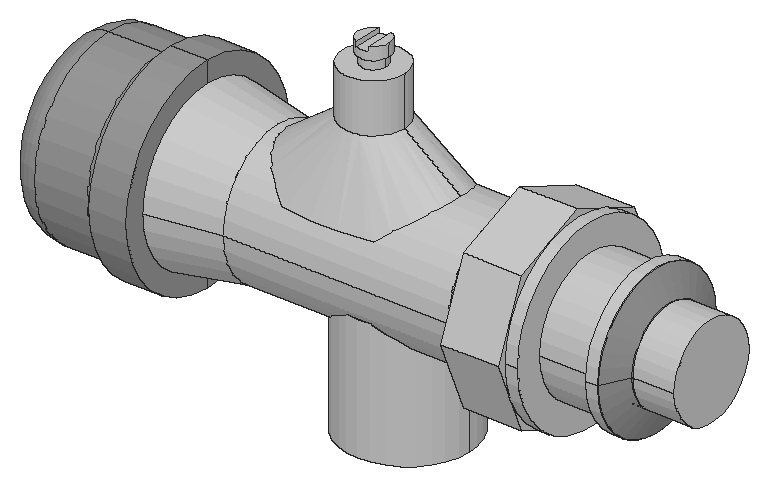
Revit family "PA_Арматура трубопроводов [клапан термостатический угловой с осевым управлением, VT.049.NE]1 - VALTEC", category Арматура трубопроводов, Revit 2018
Family settings
  Размер круглого соединителя = Использовать диаметр
  Тип детали = Вставляется
  На основе рабочей плоскости = Нет
  Всегда вертикально = Да
  При загрузке вырезать с полостями = Нет
  Общий = Нет
Parameters (values of type "VT.049.NE")
  Таблица 1 = "PA_Арматура трубопроводов [клапан термостатический угловой с осевым управлением, VT.049.NE] - VALTEC - Таблица 1"  # constant formula
  Материал доп.1 = Черный - VALTEC
  Изготовитель = "VALTEC"  # constant formula
  Головка термостатическая [instance] = Колпачок : Колпачок
  d9 [instance] = size_lookup(Таблица 1, "d9", 0 mm, D1, D2)  # 4 mm
  d8 [instance] = size_lookup(Таблица 1, "d8", 0 mm, D1, D2)  # 5 mm
  d7 [instance] = size_lookup(Таблица 1, "d7", 0 mm, D1, D2)  # 10 mm
  MM_Геометрия [instance] = if(Головка термостатическая = [1!!!НЕ ИЗМЕНЯТЬ!!!], MM_1!!!НЕ ИЗМЕНЯТЬ!!!, if(Головка термостатическая = [2!!!НЕ ИЗМЕНЯТЬ!!!], MM_2!!!НЕ ИЗМЕНЯТЬ!!!, if(Головка термостатическая = [3!!!НЕ ИЗМЕНЯТЬ!!!], MM_3!!!НЕ ИЗМЕНЯТЬ!!!, if(Головка термостатическая = [4!!!НЕ ИЗМЕНЯТЬ!!!], MM_4!!!НЕ ИЗМЕНЯТЬ!!!, if(Головка термостатическая = [5!!!НЕ ИЗМЕНЯТЬ!!!], MM_4!!!НЕ ИЗМЕНЯТЬ!!!, if(Головка термостатическая = [6!!!НЕ ИЗМЕНЯТЬ!!!], MM_5!!!НЕ ИЗМЕНЯТЬ!!!, if(Головка термостатическая = [7!!!НЕ ИЗМЕНЯТЬ!!!], MM_6!!!НЕ ИЗМЕНЯТЬ!!!, if(Головка термостатическая = [8!!!НЕ ИЗМЕНЯТЬ!!!], MM_6!!!НЕ ИЗМЕНЯТЬ!!!, if(Головка термостатическая = [9!!!НЕ ИЗМЕНЯТЬ!!!], MM_6!!!НЕ ИЗМЕНЯТЬ!!!, if(Головка термостатическая = [10!!!НЕ ИЗМЕНЯТЬ!!!], MM_6!!!НЕ ИЗМЕНЯТЬ!!!, if(Головка термостатическая = [11!!!НЕ ИЗМЕНЯТЬ!!!], MM_7!!!НЕ ИЗМЕНЯТЬ!!!, if(Головка термостатическая = [12!!!НЕ ИЗМЕНЯТЬ!!!], MM_7!!!НЕ ИЗМЕНЯТЬ!!!, if(Головка термостатическая = [13!!!НЕ ИЗМЕНЯТЬ!!!], MM_7!!!НЕ ИЗМЕНЯТЬ!!!, MM_8!!!НЕ ИЗМЕНЯТЬ!!!)))))))))))))  # MM_Обобщенные модели [колпачок, VT.037.N] - VALTEC : VT.TE3042.0
  MM_8!!!НЕ ИЗМЕНЯТЬ!!! = MM_Обобщенные модели [колпачок, VT.037.N] - VALTEC : VT.TE3042.0
  MM_7!!!НЕ ИЗМЕНЯТЬ!!! = MM_Обобщенные модели [сервопривод электрический, VT.TE3042] - VALTEC : VT.TE3042.0
  MM_6!!!НЕ ИЗМЕНЯТЬ!!! = MM_Обобщенные модели [сервопривод электрический, VT.TE3040] - VALTEC : VT.TE3040
  MM_5!!!НЕ ИЗМЕНЯТЬ!!! = MM_Обобщенные модели [cервопривод EQUICALOR, VT.AS1000] - VALTEC : VT.AS1000
  MM_4!!!НЕ ИЗМЕНЯТЬ!!! = MM_Обобщенные модели [головка термостатическая жидкостная, VT.5000.0] - VALTEC : VT.5000.0 - VT.5010.0
  MM_3!!!НЕ ИЗМЕНЯТЬ!!! = MM_Обобщенные модели [головка термостатическая жидкостная, VT.3000.0] - VALTEC : VT.3000.0
  MM_2!!!НЕ ИЗМЕНЯТЬ!!! = MM_Обобщенные модели [головка термостатическая жидкостная, VT.1500.0] - VALTEC : VT.1500.0
  MM_1!!!НЕ ИЗМЕНЯТЬ!!! = MM_Обобщенные модели [головка термостатическая твердотельная, VT.1000.0] - VALTEC : VT.1000.0
  ME_Информация [instance] = if(Головка термостатическая = [1!!!НЕ ИЗМЕНЯТЬ!!!], ME_1!!!НЕ ИЗМЕНЯТЬ!!!, if(Головка термостатическая = [2!!!НЕ ИЗМЕНЯТЬ!!!], ME_2!!!НЕ ИЗМЕНЯТЬ!!!, if(Головка термостатическая = [3!!!НЕ ИЗМЕНЯТЬ!!!], ME_3!!!НЕ ИЗМЕНЯТЬ!!!, if(Головка термостатическая = [4!!!НЕ ИЗМЕНЯТЬ!!!], ME_4!!!НЕ ИЗМЕНЯТЬ!!!, if(Головка термостатическая = [5!!!НЕ ИЗМЕНЯТЬ!!!], ME_5!!!НЕ ИЗМЕНЯТЬ!!!, if(Головка термостатическая = [6!!!НЕ ИЗМЕНЯТЬ!!!], ME_6!!!НЕ ИЗМЕНЯТЬ!!!, if(Головка термостатическая = [7!!!НЕ ИЗМЕНЯТЬ!!!], ME_7!!!НЕ ИЗМЕНЯТЬ!!!, if(Головка термостатическая = [8!!!НЕ ИЗМЕНЯТЬ!!!], ME_8!!!НЕ ИЗМЕНЯТЬ!!!, if(Головка термостатическая = [9!!!НЕ ИЗМЕНЯТЬ!!!], ME_9!!!НЕ ИЗМЕНЯТЬ!!!, if(Головка термостатическая = [10!!!НЕ ИЗМЕНЯТЬ!!!], ME_10!!!НЕ ИЗМЕНЯТЬ!!!, if(Головка термостатическая = [11!!!НЕ ИЗМЕНЯТЬ!!!], ME_11!!!НЕ ИЗМЕНЯТЬ!!!, if(Головка термостатическая = [12!!!НЕ ИЗМЕНЯТЬ!!!], ME_12!!!НЕ ИЗМЕНЯТЬ!!!, if(Головка термостатическая = [13!!!НЕ ИЗМЕНЯТЬ!!!], ME_13!!!НЕ ИЗМЕНЯТЬ!!!, ME_14!!!НЕ ИЗМЕНЯТЬ!!!)))))))))))))  # ME_Оборудование [колпачек] - VALTEC : ME_Оборудование [колпачек] - VALTEC
  ME_9!!!НЕ ИЗМЕНЯТЬ!!! = ME_Оборудование [сервопривод электрический, VT.TE3041.0.024] - VALTEC : ME_Оборудование [сервопривод электрический, VT.TE3041.0.024] - VALTEC
  ME_8!!!НЕ ИЗМЕНЯТЬ!!! = ME_Оборудование [сервопривод электрический, VT.TE3040.A.220] - VALTEC : ME_Оборудование [сервопривод электрический, VT.TE3040.A.220] - VALTEC
  ME_7!!!НЕ ИЗМЕНЯТЬ!!! = ME_Оборудование [сервопривод электрический, VT.TE3040.0.220] - VALTEC : ME_Оборудование [сервопривод электрический, VT.TE3040.0.220] - VALTEC
  ME_6!!!НЕ ИЗМЕНЯТЬ!!! = ME_Оборудование [cервопривод EQUICALOR, VT.AS1000] - VALTEC : ME_Оборудование [cервопривод EQUICALOR, VT.AS1000] - VALTEC
  ME_5!!!НЕ ИЗМЕНЯТЬ!!! = ME_Оборудование [головка термостатическая жидкостная, VT.5010.0] - VALTEC : ME_Оборудование [головка термостатическая жидкостная, VT.5010.0] - VALTEC
  ME_4!!!НЕ ИЗМЕНЯТЬ!!! = ME_Оборудование [головка термостатическая жидкостная, VT.5000.0] - VALTEC : ME_Оборудование [головка термостатическая жидкостная, VT.5000.0] - VALTEC
  ME_3!!!НЕ ИЗМЕНЯТЬ!!! = ME_Оборудование [головка термостатическая жидкостная, VT.3000.0] - VALTEC : ME_Оборудование [головка термостатическая жидкостная, VT.3000.0] - VALTEC
  ME_2!!!НЕ ИЗМЕНЯТЬ!!! = ME_Оборудование [головка термостатическая жидкостная, VT.1500.0] - VALTEC : ME_Оборудование [головка термостатическая жидкостная, VT.1500.0] - VALTEC
  ME_14!!!НЕ ИЗМЕНЯТЬ!!! = ME_Оборудование [колпачек] - VALTEC : ME_Оборудование [колпачек] - VALTEC
  ME_13!!!НЕ ИЗМЕНЯТЬ!!! = ME_Оборудование [сервопривод электрический, VT.TE3042.A.220] - VALTEC : ME_Оборудование [сервопривод электрический, VT.TE3042.A.220] - VALTEC
  ME_12!!!НЕ ИЗМЕНЯТЬ!!! = ME_Оборудование [сервопривод электрический, VT.TE3042.0.220] - VALTEC : ME_Оборудование [сервопривод электрический, VT.TE3042.0.220] - VALTEC
  ME_11!!!НЕ ИЗМЕНЯТЬ!!! = ME_Оборудование [сервопривод электрический, VT.TE3042.0.024] - VALTEC : ME_Оборудование [сервопривод электрический, VT.TE3042.0.024] - VALTEC
  ME_10!!!НЕ ИЗМЕНЯТЬ!!! = ME_Оборудование [сервопривод электрический, VT.TE3041.A.024] - VALTEC : ME_Оборудование [сервопривод электрический, VT.TE3041.A.024] - VALTEC
  ME_1!!!НЕ ИЗМЕНЯТЬ!!! = ME_Оборудование [головка термостатическая твердотельная, VT.1000.0] - VALTEC : ME_Оборудование [головка термостатическая твердотельная, VT.1000.0] - VALTEC
  d6 [instance] = size_lookup(Таблица 1, "d6", 0 mm, D1, D2)  # 24 mm
  d5 [instance] = size_lookup(Таблица 1, "d5", 0 mm, D1, D2)  # 29.8 mm
  d4 [instance] = size_lookup(Таблица 1, "d4", 0 mm, D1, D2)  # 31.9 mm
  d3 [instance] = size_lookup(Таблица 1, "d3", 0 mm, D1, D2)  # 26 mm
  d2 [instance] = size_lookup(Таблица 1, "d2", 0 mm, D1, D2)  # 22.5 mm
  d1 [instance] = size_lookup(Таблица 1, "d1", 0 mm, D1, D2)  # 26.5 mm
  D1 [instance] = 20 mm
  URL = "https://valtec.ru/"
  ADSK_Расход жидкости [instance] = 0.0 L/s
  ADSK_Примечание [instance] = ""
  ADSK_Потеря давления жидкости [instance] = 0.0 Pa
  ADSK_Позиция [instance] = ""
  ADSK_Обозначение [instance] = "VT.049.NE"  # constant formula
  ADSK_Наименование [instance] = size_lookup(Таблица 1, "", "Данный типоразмер отсутствует", D1, D2)  # "Клапан термостатический угловой с осевым управлением 3/4\" x 1/2\""
  ADSK_Материал = Сталь, нержавеющая - VALTEC
  ADSK_Масса [instance] = 0
  ADSK_Марка [instance] = "VT.049.NE"  # constant formula
  ADSK_Код изделия [instance] = "VT.049.NE.04"  # constant formula
  ADSK_Завод-изготовитель [instance] = Изготовитель  # "VALTEC"
  ADSK_Единица измерения [instance] = "шт."  # constant formula
  ADSK_URL страницы изделия = "https://valtec.ru/catalog/radiatornaya_armatura/termostaticheskie_klapany_dlya_radiatorov/klapan_termostaticheskij_uglovoj_s_osevym_upravleniem_predvaritelnoj_nastrojkoj_i_vozduhootvodchikom.html"
  ADSK_URL документации изделия = "https://valtec.ru/document/technical/VT.049-0718.pdf"
  D2 [instance] = 15 mm
  9!!!НЕ ИЗМЕНЯТЬ!!! = VT.TE3041.0.024 : VT.TE3041.0.024
  8!!!НЕ ИЗМЕНЯТЬ!!! = VT.TE3040.A.220 : VT.TE3040.A.220
  7!!!НЕ ИЗМЕНЯТЬ!!! = VT.TE3040.0.220 : VT.TE3040.0.220
  6!!!НЕ ИЗМЕНЯТЬ!!! = VT.AS1000 : VT.AS1000
  5!!!НЕ ИЗМЕНЯТЬ!!! = VT.5010.0.0 : VT.5010.0.0
  4!!!НЕ ИЗМЕНЯТЬ!!! = VT.5000.0.0 : VT.5000.0.0
  3!!!НЕ ИЗМЕНЯТЬ!!! = VT.3000.0.0 : VT.3000.0.0
  2!!!НЕ ИЗМЕНЯТЬ!!! = VT.1500.0.0 : VT.1500.0.0
  14!!!НЕ ИЗМЕНЯТЬ!!! = Колпачок : Колпачок
  13!!!НЕ ИЗМЕНЯТЬ!!! = VT.TE3042.A.220 : VT.TE3042.A.220
  12!!!НЕ ИЗМЕНЯТЬ!!! = VT.TE3042.0.220 : VT.TE3042.0.220
  11!!!НЕ ИЗМЕНЯТЬ!!! = VT.TE3042.0.024 : VT.TE3042.0.024
  10!!!НЕ ИЗМЕНЯТЬ!!! = VT.TE3041.A.024 : VT.TE3041.A.024
  1!!!НЕ ИЗМЕНЯТЬ!!! = VT.1000.0.0 : VT.1000.0.0
Reference planes
  plane 1 "По центру (Вперед/Назад)": y = 0
  plane 2: z = 0
  plane 3 "По центру (Влево/Вправо)": x = 0
  plane 4: x = 15.5
  plane 5: z = -25.5
  plane 6: x = -32.4
  plane 7: x = -21
  plane 8: x = 18.2
  plane 9: x = 27.6
  plane 10: x = 29.7
  plane 11: x = 38.4
  plane 12: x = 49.2
  plane 13: x = 40.4
  plane 14: x = 42.4
  plane 15: z = 17.8
  plane 16: z = 25.7
  plane 17: z = 27.3
  plane 18: z = 29.3
  plane 19: x = -5.5
Forms (mm)
  Extrusion 1, solid, material "Сталь, нержавеющая - VALTEC" <- "ADSK_Материал", detail levels medium+fine
    sketch origin (0, 0, 0) x (1, 0, 0) y (0, 1, 0)
      loop
        circle (0, 0) r 10
    from -25.5 to 0
  Blend 2, solid, material "Сталь, нержавеющая - VALTEC" <- "ADSK_Материал", detail levels medium+fine
    base sketch origin (0, 0, 0) x (0, 1, 0) y (0, 0, 1)
      loop
        circle (0, 0) r 13.25
    top sketch origin (0, 0, 0) x (0, 1, 0) y (0, 0, 1)
      loop
        circle (0, 0) r 11.25
    from -32.4 to -21
  Extrusion 3, solid, material "Сталь, нержавеющая - VALTEC" <- "ADSK_Материал", detail levels medium+fine
    sketch origin (0, 0, 0) x (0, 1, 0) y (0, 0, 1)
      loop
        circle (0, 0) r 11.25
    from -21 to 15.5
  Blend 4, solid, material "Сталь, нержавеющая - VALTEC" <- "ADSK_Материал", detail levels medium+fine
    base sketch origin (0, 0, 0) x (0, 1, 0) y (0, 0, 1)
      loop
        circle (0, 0) r 11.25
    top sketch origin (0, 0, 0) x (0, 1, 0) y (0, 0, 1)
      loop
        circle (0, 0) r 13
    from 15.5 to 18.2
  Extrusion 5, solid, material "Сталь, нержавеющая - VALTEC" <- "ADSK_Материал", detail levels medium+fine
    sketch origin (0, 0, 0) x (0, 1, 0) y (0, 0, 1)
      loop
        circle (0, 0) r 7.5
    from 38.4 to 49.2
  Extrusion 6, solid, material "Сталь, нержавеющая - VALTEC" <- "ADSK_Материал", detail levels medium+fine
    sketch origin (0, 0, 0) x (0, 1, 0) y (0, 0, 1)
      loop
        circle (0, 0) r 14.9
    from 27.6 to 29.7
  Extrusion 7, solid, material "Сталь, нержавеющая - VALTEC" <- "ADSK_Материал", detail levels medium+fine
    sketch origin (0, 0, 0) x (0, 1, 0) y (0, 0, 1)
      loop
        circle (0, 0) r 12
    from 38.4 to 40.4
  Blend 8, solid, material "Черный - VALTEC" <- "Материал доп.1", detail levels medium+fine
    base sketch origin (0, 0, 0) x (0, 1, 0) y (0, 0, 1)
      loop
        circle (0, 0) r 12
    top sketch origin (0, 0, 0) x (0, 1, 0) y (0, 0, 1)
      loop
        circle (0, 0) r 7.5
    from 40.4 to 42.4
  Extrusion 9, solid, material "Сталь, нержавеющая - VALTEC" <- "ADSK_Материал", detail levels medium+fine
    sketch origin (0, 0, 0) x (0, 1, 0) y (0, 0, 1)
      loop
        circle (0, 0) r 10.5
    from 29.7 to 38.4
  Blend 10, solid, material "Сталь, нержавеющая - VALTEC" <- "ADSK_Материал", detail levels medium+fine
    base sketch origin (-5.538, 0, 0) x (1, 0, 0) y (0, 1, 0)
      loop
        spline (21, 0) -> (20.284, 2.588) -> (18.187, 5) -> (14.849, 7.071) -> (10.5, 8.66) -> (5.435, 9.659) -> (0, 10) -> (-5.435, 9.659) -> (-10.5, 8.66) -> (-14.849, 7.071) -> (-18.187, 5) -> (-20.284, 2.588) -> (-21, 0)
        spline (-21, 0) -> (-20.284, -2.588) -> (-18.187, -5) -> (-14.849, -7.071) -> (-10.5, -8.66) -> (-5.435, -9.659) -> (0, -10) -> (5.435, -9.659) -> (10.5, -8.66) -> (14.849, -7.071) -> (18.187, -5) -> (20.284, -2.588) -> (21, 0)
    top sketch origin (-5.538, 0, 0) x (1, 0, 0) y (0, 1, 0)
      loop
        circle (0.038, 0) r 5
    from 6.277 to 17.8
  Extrusion 11, solid, material "Сталь, нержавеющая - VALTEC" <- "ADSK_Материал", detail levels medium+fine
    sketch origin (0, 0, 0) x (1, 0, 0) y (0, 1, 0)
      loop
        circle (-5.5, 0) r 5
    from 17.8 to 25.7
  Extrusion 12, solid, material "Сталь, нержавеющая - VALTEC" <- "ADSK_Материал", detail levels medium+fine
    sketch origin (0, 0, 0) x (1, 0, 0) y (0, 1, 0)
      loop
        circle (-5.5, 0) r 2.5
    from 27.3 to 29.3
  Extrusion 13, solid, material "Сталь, нержавеющая - VALTEC" <- "ADSK_Материал", detail levels medium+fine
    sketch origin (0, 0, 0) x (1, 0, 0) y (0, 1, 0)
      loop
        circle (-5.5, 0) r 2
    from 25.7 to 27.3
  Extrusion 14, void
    sketch origin (0, 0, 0) x (-1, 0, 0) y (0, 0, 1)
      loop
        line (6.5, 29.3) -> (4.5, 29.3) -> (4.5, 28.5) -> (6.5, 28.5) -> (6.5, 29.3)
    from -4 to 4
Cuts and joins
  Extrusion 14 cuts Extrusion 1
  Extrusion 14 cuts Blend 2
  Extrusion 14 cuts Extrusion 3
  Extrusion 14 cuts Blend 4
  Extrusion 14 cuts Extrusion 5
  Extrusion 14 cuts Extrusion 6
  Extrusion 14 cuts Extrusion 7
  Extrusion 14 cuts Extrusion 9
  Extrusion 14 cuts Blend 10
  Extrusion 14 cuts Extrusion 11
  Extrusion 14 cuts Extrusion 12
  Extrusion 14 cuts Extrusion 13
  joined: Extrusion 1, Blend 2, Extrusion 3, Blend 4, Extrusion 5, Extrusion 6, Extrusion 7, Extrusion 9, Blend 10, Extrusion 11, Extrusion 12, Extrusion 13
Lines and regions (mm)
  reference lines
    curve 1: line (0, 0, 0) -> (0, 0, -25.5)
    curve 2: line (0, 0, 0) -> (42.4, 0, 0)
  model lines, detail levels coarse
    curve 3: line (25.5, 0, -15) -> (25.5, 0, 15)
    curve 4: line (-15, 0, -25.5) -> (15, 0, -25.5)
    curve 5: line (15, 0, -25.5) -> (0, 0, 0)
    curve 6: line (-15, 0, -25.5) -> (0, 0, 0)
    curve 7: line (25.5, 0, 15) -> (0, 0, 0)
    curve 8: line (25.5, 0, -15) -> (0, 0, 0)
    curve 9: line (25.5, 0, 0) -> (42.4, 0, 0)
    curve 10: line (0, 0, 0) -> (0, 0, 45)
    curve 11: line (0, 0, 0) -> (-10, 0, 17.321)
    curve 12: line (0, 0, 0) -> (10, 0, 17.321)
  symbolic lines, detail levels coarse
    curve 13: line (-15, -25.5, 0) -> (15, -25.5, 0)
    curve 14: line (15, -25.5, 0) -> (0, 0, 0)
    curve 15: line (0, 0, 0) -> (-15, -25.5, 0)
    curve 16: line (25.5, -15, 0) -> (25.5, 15, 0)
    curve 17: line (25.5, 15, 0) -> (0, 0, 0)
    curve 18: line (0, 0, 0) -> (25.5, -15, 0)
    curve 19: line (0, 0, 0) -> (0, 45, 0)
    curve 20: line (0, 0, 0) -> (-10, 17.321, 0)
    curve 21: line (0, 0, 0) -> (10, 17.321, 0)
    curve 22: line (27.6, 0, 0) -> (42.4, 0, 0)
Dimensions and locks
  locked: plane 2 to plane 5 at 25.5
  locked: plane 6 to plane 7 at 11.4
  locked: plane 7 to plane 3 "По центру (Влево/Вправо)" at 21
  locked: plane 4 to plane 3 "По центру (Влево/Вправо)" at 15.5
  locked: plane 4 to plane 8 at 2.7
  locked: plane 8 to plane 9 at 9.4
  locked: plane 9 to plane 10 at 2.1
  locked: plane 10 to plane 11 at 8.7
  locked: plane 11 to plane 13 at 2
  locked: plane 13 to plane 14 at 2
  locked: plane 14 to plane 12 at 6.8
  locked: plane 15 to plane 2 at 17.8
  locked: plane 16 to plane 15 at 7.9
  locked: plane 17 to plane 16 at 1.6
  locked: plane 18 to plane 17 at 2
  locked: plane 19 to plane 3 "По центру (Влево/Вправо)" at 5.5
  locked: plane 19 to Extrusion 14 sketch curve at 1  (x2)
  locked: plane 18 to Extrusion 14 sketch curve at 0.8
  "D1": diameter of Extrusion 1 sketch curve
  "d1": diameter of Blend 2 sketch curve
  "d2": diameter of Blend 2 sketch curve
  "d2": diameter of Extrusion 3 sketch curve
  "d2": diameter of Blend 4 sketch curve
  "d3": diameter of Blend 4 sketch curve
  "D2": diameter of Extrusion 5 sketch curve
  "d5": diameter of Extrusion 6 sketch curve
  "d6": diameter of Extrusion 7 sketch curve
  "d6": diameter of Blend 8 sketch curve
  "D2": diameter of Blend 8 sketch curve
  "d7": diameter of Blend 10 sketch curve
  "d7": diameter of Extrusion 11 sketch curve
  "d8": diameter of Extrusion 12 sketch curve
  "d9": diameter of Extrusion 13 sketch curve
  aligned and locked: level to plane 2
  aligned and locked: plane 3 "По центру (Влево/Вправо)" to Extrusion 1 sketch curve
  aligned and locked: plane 1 "По центру (Вперед/Назад)" to Extrusion 1 sketch curve
  aligned and locked: Extrusion 1 to plane 5
  aligned and locked: level to Extrusion 1
  aligned and locked: level to Blend 2 sketch curve  (x2)
  aligned and locked: plane 1 "По центру (Вперед/Назад)" to Blend 2 sketch curve  (x2)
  aligned and locked: plane 1 "По центру (Вперед/Назад)" to Extrusion 3 sketch curve
  aligned and locked: level to Extrusion 3 sketch curve
  aligned and locked: Blend 2 to plane 7
  aligned and locked: plane 6 to Blend 2
  aligned and locked: plane 7 to Extrusion 3
  aligned and locked: Extrusion 3 to plane 4
  aligned and locked: plane 1 "По центру (Вперед/Назад)" to Blend 4 sketch curve  (x2)
  aligned and locked: level to Blend 4 sketch curve  (x2)
  aligned and locked: plane 1 "По центру (Вперед/Назад)" to Extrusion 5 sketch curve
  aligned and locked: level to Extrusion 5 sketch curve
  aligned and locked: plane 4 to Blend 4
  aligned and locked: Blend 4 to plane 8
  aligned and locked: Extrusion 5 to plane 12
  aligned and locked: plane 1 "По центру (Вперед/Назад)" to nested 1
  aligned and locked: plane 8 to nested 1
  aligned and locked: level to Extrusion 6 sketch curve
  aligned and locked: plane 1 "По центру (Вперед/Назад)" to Extrusion 6 sketch curve
  aligned and locked: plane 9 to Extrusion 6
  aligned and locked: Extrusion 6 to plane 10
  aligned and locked: level to Extrusion 7 sketch curve
  aligned and locked: plane 1 "По центру (Вперед/Назад)" to Extrusion 7 sketch curve
  aligned and locked: level to Blend 8 sketch curve  (x2)
  aligned and locked: plane 1 "По центру (Вперед/Назад)" to Blend 8 sketch curve  (x2)
  aligned and locked: plane 11 to Extrusion 7
  aligned and locked: Extrusion 7 to plane 13
  aligned and locked: plane 13 to Blend 8
  aligned and locked: Blend 8 to plane 14
  aligned and locked: plane 11 to Extrusion 5
  aligned and locked: Extrusion 9 to plane 11
  aligned and locked: plane 1 "По центру (Вперед/Назад)" to Blend 10 sketch curve
  aligned and locked: plane 15 to Blend 10
  aligned and locked: plane 19 to Blend 10 sketch curve
  aligned and locked: plane 19 to Extrusion 11 sketch curve
  aligned and locked: plane 1 "По центру (Вперед/Назад)" to Extrusion 11 sketch curve
  aligned and locked: plane 1 "По центру (Вперед/Назад)" to Extrusion 12 sketch curve
  aligned and locked: plane 19 to Extrusion 12 sketch curve
  aligned and locked: plane 1 "По центру (Вперед/Назад)" to Extrusion 13 sketch curve
  aligned and locked: plane 19 to Extrusion 13 sketch curve
  aligned and locked: Extrusion 11 to plane 15
  aligned and locked: plane 16 to Extrusion 11
  aligned and locked: Extrusion 13 to plane 16
  aligned and locked: plane 17 to Extrusion 13
  aligned and locked: Extrusion 12 to plane 17
  aligned and locked: plane 18 to Extrusion 12
  aligned and locked: plane 6 to nested 2
  aligned and locked: plane 1 "По центру (Вперед/Назад)" to nested 3
  aligned and locked: plane 19 to nested 3
  aligned and locked: plane 3 "По центру (Влево/Вправо)" to curve 2
  aligned and locked: plane 14 to curve 2
  aligned and locked: level to curve 1
  aligned and locked: plane 5 to curve 1
  aligned and locked: plane 14 to curve 9
  aligned and locked: plane 14 to curve 22
  aligned and locked: plane 1 "По центру (Вперед/Назад)" to curve 22
  aligned and locked: level to nested 2
  aligned and locked: nested 2 to plane 1 "По центру (Вперед/Назад)"
Automatic sketch dimensions
  curve 6 to plane 5 = 0 mm
  curve 10 to level = 0 mm
  curve 10 to plane 3 "По центру (Влево/Вправо)" = 0 mm
  curve 9 to level = 0 mm
  curve 4 to plane 7 = 6 mm
  plane 4 to curve 5 = 0.5 mm
  plane 9 to curve 7 = 2.1 mm
  plane 5 to curve 8 = 10.5 mm
  curve 3 to plane 15 = 2.8 mm
  curve 11 to plane 15 = 0.479 mm
  plane 19 to curve 11 = 4.5 mm
  curve 12 to plane 15 = 0.479 mm
  plane 4 to curve 12 = 5.5 mm
  plane 18 to curve 10 = 15.7 mm
  Extrusion 9 sketch curve to level = 0 mm
  Extrusion 9 sketch curve to plane 1 "По центру (Вперед/Назад)" = 0 mm
  plane 1 "По центру (Вперед/Назад)" to Blend 10 sketch curve = 0 mm
  plane 19 to Blend 10 sketch curve = 0.038 mm
  plane 4 to Blend 10 sketch curve = 0.038 mm
  Extrusion 14 sketch curve to plane 18 = 0 mm
  plane 1 "По центру (Вперед/Назад)" to curve 15 = 0 mm
  curve 15 to plane 3 "По центру (Влево/Вправо)" = 0 mm
  curve 22 to plane 9 = 0 mm
  curve 13 to plane 7 = 6 mm
  plane 4 to curve 13 = 0.5 mm
  plane 9 to curve 18 = 2.1 mm
  plane 1 "По центру (Вперед/Назад)" to curve 18 = 15 mm
  plane 1 "По центру (Вперед/Назад)" to curve 13 = 25.5 mm
  curve 17 to plane 1 "По центру (Вперед/Назад)" = 15 mm
  plane 19 to curve 20 = 4.5 mm
  plane 4 to curve 21 = 5.5 mm
  curve 16 to curve 21 = 2.321 mm
  curve 20 to plane 1 "По центру (Вперед/Назад)" = 17.321 mm
  curve 20 to curve 19 = 27.679 mm
  radius of Extrusion 9 sketch curve = 10.5 mm
Nested families
  nested 1: "Гайка - горизонталь" at (22.9, 0, 0), d3 <- "d4", ADSK_Материал <- "ADSK_Материал", type "Гайка - горизонталь", detail levels medium+fine
    with hr 29.472 mm, d3 31.9 mm, B 9.4 mm, ADSK_Материал Сталь, нержавеющая - VALTEC
  nested 2: "MM_Обобщенные модели [колпачок, VT.037.N] - VALTEC" at (-32.4, 0, 0) x (0, 0, -1) z (-1, 0, 0), type <- "MM_Геометрия", type "VT.TE3042.0", detail levels medium+fine
  nested 3: "ME_Оборудование [колпачек] - VALTEC" at (-5.5, 0, 0), type <- "ME_Информация", type "ME_Оборудование [колпачек] - VALTEC", detail levels medium
    with ADSK_Примечание "", ADSK_Позиция "", ADSK_Обозначение "VT.AS1000", ADSK_Наименование "Сервопривод EQUICALOR", ADSK_Масса 0, ADSK_Код изделия "VT.AS1000", ADSK_Завод-изготовитель "VALTEC", ADSK_Единица измерения "шт."
Connectors
  piping at (0, 0, -25.5), diameter 20, driven by "D1", driven by "ADSK_Расход жидкости", driven by "ADSK_Потеря давления жидкости"
    settings: on curve 1, index 1, connector inside diameter 609.6 mm, connector length 0 mm, flow factor 0, pipe flow 0.0 L/s, pressure drop 0.0 Pa, fitting loss kfactor 0, connector angle 0.00°, fixture units 0, engagement length 0 mm, angle of deflection 0.00°, flow configuration 0, flow direction 1, fitting loss method 4, system type 7, joint type 0, gender type 0, connector reference index 2, connector utility 0, adjustable connector no, is connector primary yes, connector description ""
  piping at (42.4, 0, 0), diameter 15, driven by "D2", driven by "ADSK_Расход жидкости"
    settings: on curve 2, index 2, connector inside diameter 609.6 mm, connector length 0 mm, flow factor 0, pipe flow 0.0 L/s, pressure drop 0.0 Pa, fitting loss kfactor 0, connector angle 0.00°, fixture units 0, engagement length 0 mm, angle of deflection 0.00°, flow configuration 0, flow direction 2, fitting loss method 0, system type 7, joint type 0, gender type 0, connector reference index 1, connector utility 0, adjustable connector no, is connector primary no, connector description ""
Definition of nested family "Гайка - горизонталь"
  Parameters (values of type "Гайка - горизонталь")
    hr [instance] = d3 / 2 * cos(180.00° / 8) * 2  # 588.881 mm
    d3 [instance] = 637.4 mm
    B [instance] = 637.4 mm
    ADSK_Материал [instance] = none
  Reference planes
    plane 1 "По центру (Вперед/Назад)": y = 0
    plane 2: z = 0
    plane 3 "По центру (Влево/Вправо)": x = 0
    plane 4: y = 318.7
    plane 5: y = -318.7
    plane 6: through (0, -912.519, 2972.425) normal (0, -0.9239, -0.3827)
    plane 7: through (0, -1234.338, 2979.956) normal (0, -0.9239, -0.3827)
    plane 8: through (0, -1556.157, 2987.486) normal (0, -0.9239, -0.3827)
    plane 9: through (0, 1234.338, 2979.956) normal (0, -0.9239, 0.3827)
    plane 10: through (0, -2420.114, 1321.144) normal (0, -0.3827, -0.9239)
    plane 11: through (0, -2532.792, 1049.117) normal (0, -0.3827, -0.9239)
    plane 12: through (0, -2645.469, 777.089) normal (0, -0.3827, -0.9239)
    plane 13: through (0, 2420.114, 1321.144) normal (0, -0.3827, 0.9239)
    plane 14: through (0, 2532.792, 1049.117) normal (0, -0.3827, 0.9239)
    plane 15: through (0, 2645.469, 777.089) normal (0, -0.3827, 0.9239)
    plane 16: through (0, 912.519, 2972.425) normal (0, -0.9239, 0.3827)
    plane 17: through (0, 1234.338, 2979.956) normal (0, -0.9239, 0.3827)
    plane 18: through (0, 1556.157, 2987.486) normal (0, -0.9239, 0.3827)
    plane 19: x = 318.7
    plane 20: x = -318.7
  Forms (mm)
    Extrusion 1, solid, material <- "ADSK_Материал"
      sketch origin (0, 0, 0) x (0, 1, 0) y (0, 0, 1)
        loop
          line (0, 318.7) -> (-225.355, 225.355) -> (-318.7, 0) -> (-225.355, -225.355) -> (0, -318.7) -> (225.355, -225.355) -> (318.7, 0) -> (225.355, 225.355) -> (0, 318.7)
      from -318.7 to 318.7
  Dimensions and locks
    equal spacing: plane 4, plane 1 "По центру (Вперед/Назад)", plane 5
    "d3": plane 4 to plane 5
    equal spacing: plane 8, plane 7, plane 6
    "hr": plane 8 to plane 6
    equal spacing: plane 12, plane 11, plane 10
    "hr": plane 12 to plane 10
    equal spacing: plane 15, plane 14, plane 13
    "hr": plane 15 to plane 13
    equal spacing: plane 18, plane 17, plane 16
    "hr": plane 18 to plane 16
    equal spacing: plane 20, plane 3 "По центру (Влево/Вправо)", plane 19
    "B": plane 20 to plane 19
    aligned and locked: level to plane 2
    aligned and locked: plane 10 to Extrusion 1 sketch curve
    aligned and locked: plane 13 to Extrusion 1 sketch curve
    aligned and locked: plane 16 to Extrusion 1 sketch curve
    aligned and locked: Extrusion 1 sketch curve to plane 8
    aligned and locked: Extrusion 1 sketch curve to plane 12
    aligned and locked: Extrusion 1 sketch curve to plane 15
    aligned and locked: Extrusion 1 sketch curve to plane 18
    aligned and locked: plane 6 to Extrusion 1 sketch curve
    aligned and locked: plane 19 to Extrusion 1
    aligned and locked: plane 20 to Extrusion 1
    aligned and locked: Extrusion 1 to plane 19
Definition of nested family "MM_Обобщенные модели [колпачок, VT.037.N] - VALTEC"
  Parameters (values of type "VT.TE3042.0")
    Default Elevation = 1219.2 mm
    Manufacturer = ""
    URL = ""
    ADSK_Материал = none
  Reference planes
    plane 1 "По центру (Вперед/Назад)": y = 0
    plane 2: z = 0
    plane 3 "По центру (Влево/Вправо)": x = 0
    plane 4: z = 21
    plane 5: y = 5.5
    plane 6: y = -5.5
    plane 7: x = -16.5
    plane 8: z = 6
    plane 9: x = 16.5
  Forms (mm)
    Revolve 1, solid, material <- "ADSK_Материал"
      sketch origin (0, 0, 0) x (1, 0, 0) y (0, 0, 1)
        loop
          line (0, 0) -> (0, 21) -> (-10.04, 21)
          arc (-10.04, 21) -> (-13.576, 19.536) -> (-15.04, 16) r 5
          line (-15.04, 16) -> (-15.04, 7.46)
          arc (-15.04, 7.46) -> (-15.468, 6.427) -> (-16.5, 6) r 1.46
          line (-16.5, 6) -> (-16.5, 0) -> (0, 0)
        axis (0, 21) -> (0, 0)
      angle from 0 to 360
  Lines and regions (mm)
    reference lines
      curve 1: line (0, 0, 0) -> (0, 0, 25)
      curve 2: line (0, -12.5, 0) -> (0, 12.5, 0)
      curve 3: line (12.5, 0, 0) -> (-12.5, 0, 0)
  Dimensions and locks
    locked: plane 4 to plane 2 at 21
    plane 6 to plane 1 "По центру (Вперед/Назад)" to plane 5 = 5.5 mm locked, 5.5 mm locked
    locked: plane 3 "По центру (Влево/Вправо)" to plane 7 at 16.5
    locked: plane 9 to plane 3 "По центру (Влево/Вправо)" at 16.5
    locked: plane 8 to plane 2 at 6
    aligned and locked: level to plane 2
    aligned and locked: plane 3 "По центру (Влево/Вправо)" to Revolve 1 sketch curve
    aligned and locked: level to Revolve 1 sketch curve
    aligned and locked: plane 8 to Revolve 1 sketch curve
    aligned and locked: Revolve 1 sketch curve to plane 3 "По центру (Влево/Вправо)"
Definition of nested family "ME_Оборудование [колпачек] - VALTEC"
  Parameters (values of type "ME_Оборудование [колпачек] - VALTEC")
    Manufacturer = "VALTEC"  # constant formula
    URL = "https://valtec.ru/"
    D = 10 mm  # constant formula
    ADSK_Примечание [instance] = ""
    ADSK_Позиция [instance] = ""
    ADSK_Обозначение [instance] = "VT.1000.0"
    ADSK_Наименование [instance] = "Головка термостатическая твердотельная "
    ADSK_Материал = none
    ADSK_Масса [instance] = 0
    ADSK_Код изделия [instance] = "VT.1000.0.0"
    ADSK_Завод-изготовитель [instance] = "VALTEC"  # constant formula
    ADSK_Единица измерения [instance] = "шт."  # constant formula
    ADSK_URL страницы изделия = "https://valtec.ru/catalog/elementy_avtomatiki/termogolovki_i_privody/golovka_termostaticheskaya_tverdotelnaya_vt10000.html"
    ADSK_URL документации изделия = "https://valtec.ru/document/technical/VT.1000-0916.pdf"
  Reference planes
    plane 1 "По центру (Вперед/Назад)": y = 0
    plane 2: z = 0
    plane 3 "По центру (Влево/Вправо)": x = 0
  Forms (mm)
    Revolve 1, solid, material <- "ADSK_Материал"
      sketch origin (0, 0, 0) x (1, 0, 0) y (0, 1, 0)
        loop
          line (0, -5) -> (0, 5)
          arc (0, 5) -> (-5, 0) -> (0, -5) r 5
        axis (0, 5) -> (0, -5)
      angle from 0 to 360
  Lines and regions (mm)
    reference lines
      curve 1: line (0, 5, 0) -> (0, -5, 0)
      curve 2: line (-5, 0, 0) -> (5, 0, 0)
      curve 3: line (0, 0, 5) -> (0, 0, -5)
  Dimensions and locks
    equal spacing: curve 1, plane 1 "По центру (Вперед/Назад)", curve 1
    "D": curve 1 to curve 1
    equal spacing: curve 2, plane 3 "По центру (Влево/Вправо)", curve 2
    "D": curve 2 to curve 2
    equal spacing: curve 3, level, curve 3
    "D": curve 3 to curve 3
    "D": diameter of Revolve 1 sketch curve
    aligned and locked: level to plane 2
    aligned and locked: curve 1 to plane 3 "По центру (Влево/Вправо)"
    aligned and locked: Revolve 1 sketch curve to plane 3 "По центру (Влево/Вправо)"  (x2)
    aligned and locked: plane 1 "По центру (Вперед/Назад)" to curve 2
    aligned and locked: curve 3 to plane 3 "По центру (Влево/Вправо)"
  Automatic sketch dimensions
    plane 1 "По центру (Вперед/Назад)" to Revolve 1 sketch curve = 0 mm
    Revolve 1 sketch curve to Revolve 1 sketch curve = 1995 mm  (x2)
